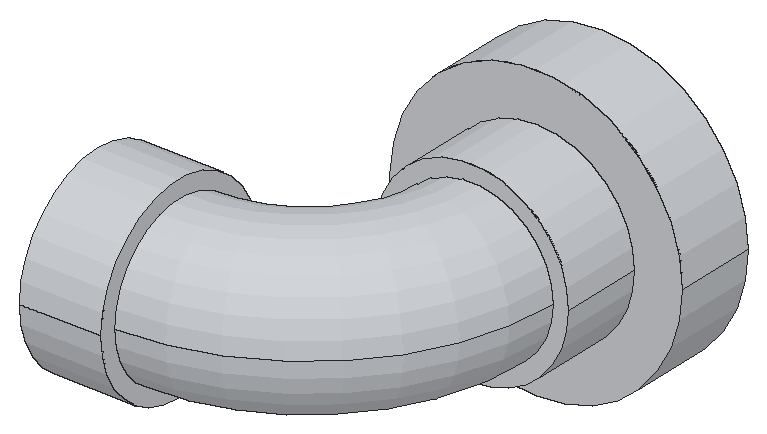
Revit family "TuberiaPEALPE_Codo90hembra_Gas_Extrucol_0016", category Uniones de tubería, Revit 2020
Family settings
  Cota de conector redondo = Diámetro de uso
  Tipo de pieza = Codo
  Se basa en plano de trabajo = No
  Siempre vertical = Sí
  Corte con vacíos al cargar = No
  Compartido = No
Parameters
  x [instance] = Radio Curvatura * tan(Angulo / 2)  # 25 mm
  URL = "http://www.extrucol.com/"
  Radio Curvatura [instance] = DN  # 25 mm
  L2 [instance] = L1  # 12.5 mm
  L1 [instance] = DN * 0.5  # 12.5 mm
  Fabricante = "Extrucol"
  Elevación por defecto = 0 mm
  Descripción = "Codo 90° cobre laton para PEALPE"
  DN3 [instance] = D2 * 1.5  # 45 mm
  DN [instance] = 25 mm
  D2 [instance] = DN * 1.2  # 30 mm
  Angulo [instance] = 90.00°
Reference planes
  plane 1 "Centro (Frontal/Posterior)": y = 0
  plane 2: z = 0
  plane 3 "Centro (Izquierda/Derecha)": x = 0
  plane 4: x = -25
  plane 5: y = 25
  plane 6: x = -37.5
  plane 7: y = 37.5
  plane 8: y = 50
Forms (mm)
  Sweep 1, solid
    path in 3D
      loop
        arc (-25, 0, 0) -> (-7.322, 7.322, 0) -> (0, 25, 0) r 25
    profile origin (-7.322, 7.322, 0) x (-0.707107, 0.707107, 0) y (0, 0, 1)
      loop
        circle (0, 0) r 12.5
  Sweep 2, solid
    path in 3D
      loop
        line (-25, 0, 0) -> (-37.5, 0, 0)
    profile origin (-31.25, 0, 0) x (0, -1, 0) y (0, 0, 1)
      loop
        circle (0, 0) r 15
  Sweep 3, solid
    path in 3D
      loop
        line (0, 25, 0) -> (0, 37.5, 0)
    profile origin (0, 31.25, 0) x (-1, 0, 0) y (0, 0, 1)
      loop
        circle (0, 0) r 15
  Sweep 4, solid
    path in 3D
      loop
        line (0, 37.5, 0) -> (0, 50, 0)
    profile origin (0, 43.75, 0) x (-1, 0, 0) y (0, 0, 1)
      loop
        circle (0, 0) r 22.5
Lines and regions (mm)
  model lines
    curve 1: arc (-25, 0, 0) -> (-7.322, 7.322, 0) -> (0, 25, 0) r 25
    curve 3: line (-25, 0, 0) -> (-37.5, 0, 0)
    curve 4: line (0, 25, 0) -> (0, 37.5, 0)
    curve 7: line (0, 37.5, 0) -> (0, 50, 0)
  sketch lines
    curve 2: arc (-25, 0, 0) -> (-7.322, 7.322, 0) -> (0, 25, 0) r 25
    curve 5: line (-25, 0, 0) -> (-37.5, 0, 0)
    curve 6: line (0, 25, 0) -> (0, 37.5, 0)
    curve 8: line (0, 37.5, 0) -> (0, 50, 0)
Dimensions and locks
  "Radio Curvatura": plane 5 to plane 1 "Centro (Frontal/Posterior)"
  "L1": plane 6 to plane 4
  "x": plane 4 to plane 3 "Centro (Izquierda/Derecha)"
  "L1": plane 7 to plane 5
  "L2": plane 8 to plane 7
  "DN": diameter of Sweep 1 sketch curve
  "D2": diameter of Sweep 2 sketch curve
  "D2": diameter of Sweep 3 sketch curve
  "DN3": diameter of Sweep 4 sketch curve
  aligned and locked: level to plane 2
  aligned and locked: plane 7 to curve 4
  aligned and locked: curve 3 to plane 1 "Centro (Frontal/Posterior)"
  aligned and locked: plane 6 to curve 3
  aligned and locked: Sweep 1 to curve 1  (x5)
  aligned and locked: plane 8 to curve 7
Automatic sketch dimensions
  Sweep 1 sketch curve to profile plane = 0 mm
  profile plane to Sweep 1 sketch curve = 0 mm
  Sweep 2 sketch curve to profile plane = 0 mm  (x2)
  Sweep 3 sketch curve to profile plane = 0 mm  (x2)
  Sweep 4 sketch curve to profile plane = 0 mm  (x2)
  curve 1 to plane 4 = 0 mm
  curve 4 to plane 3 "Centro (Izquierda/Derecha)" = 0 mm
Connectors
  piping at (-37.5, 0, 0), diameter 25, driven by "DN"
    settings: on Sweep 2, index 1, connector inside diameter 609.6 mm, connector length 0 mm, flow factor 0, pipe flow 0.0 L/s, pressure drop 0.0 Pa, fitting loss kfactor 0, connector angle 90.00°, fixture units 0, engagement length 0 mm, angle of deflection 0.00°, flow configuration 0, flow direction 0, fitting loss method 0, system type 28, joint type 0, gender type 0, connector reference index 2, connector utility 0, adjustable connector no, is connector primary yes, connector description ""
  piping at (0, 50, 0), diameter 25, driven by "DN"
    settings: on Sweep 4, index 2, connector inside diameter 609.6 mm, connector length 0 mm, flow factor 0, pipe flow 0.0 L/s, pressure drop 0.0 Pa, fitting loss kfactor 0, connector angle 90.00°, fixture units 0, engagement length 0 mm, angle of deflection 0.00°, flow configuration 0, flow direction 0, fitting loss method 0, system type 28, joint type 0, gender type 0, connector reference index 1, connector utility 0, adjustable connector no, is connector primary no, connector description ""
